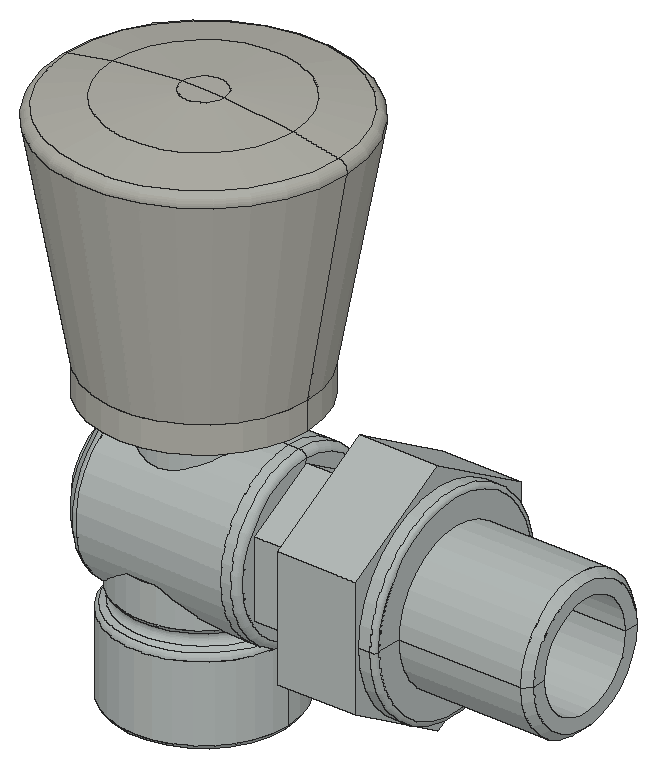
Revit family "QD37100000", category Apparecchi idraulici, Revit 2020
Family settings
  Quota connettore circolare = Usa diametro
  Tipo di parte = Normale
  Numero OmniClass = 23.45.00.00
  Titolo OmniClass = Sanitary, Laundry, and Cleaning Equipment
  Basato su piano di lavoro = No
  Sempre verticale = Sì
  Taglio con vuoti quando caricato = No
  Condiviso = No
  Punto di calcolo locali = No
Parameters
  URL = "https://web.cimberio.it/index.php/figura/709?subcategoria_id=43096"
  Temperatura di esercizio = "-20 ÷ 120°C"
  Prospetto di default = 0 mm
  Produttore = "CIMBERIO SPA"
  Pressione nominale = "PN 25"
  Modello = "Cim 91"
  Materiale = "Prodotto in lega di ottone conforme alla norma EN 12165-CW617N-DW"
  Descrizione = "Utilizzato nei più svariati settori dell'impiantistica: impianti di riscaldamento, condizionamento, idrici, igienico-sanitari, aria compressa e in generale con ogni fluido non corrosivo"
  DN Model [instance] = QD37101015 : QD37101015
  DN [instance] = 15 mm
  Commenti sul tipo = "Realizzato in ottemperanza ai requisiti gestionali della norma EN ISO 9001. Collaudato al 100% secondo la normativa EN 12266-1"
Reference planes
  plane 1 "Centro (Fronte/Retro)": y = 0
  plane 2: z = 0
  plane 3 "Centro (Sinistra/Destra)": x = 0
Dimensions and locks
  aligned and locked: level to plane 2
Nested families
  nested 1: "QD37101015" at (0, 0, 0), type <- "DN Model", type "QD37101015"
Connectors
  piping at (55.9, 0, 0), diameter 15, driven by "DN"
    settings: on nested 1, index 1, connector inside diameter 609.6 mm, connector length 0 mm, flow factor 0, pipe flow 0.0 L/s, pressure drop 0.0 Pa, fitting loss kfactor 0, connector angle 0.00°, fixture units 0, engagement length 0 mm, angle of deflection 0.00°, flow configuration 0, flow direction 0, fitting loss method 0, system type 7, joint type 0, gender type 0, connector reference index -1, connector utility 0, adjustable connector no, is connector primary yes, connector description ""
  piping at (0, 0, -25), diameter 15, driven by "DN"
    settings: on nested 1, index 2, connector inside diameter 609.6 mm, connector length 0 mm, flow factor 0, pipe flow 0.0 L/s, pressure drop 0.0 Pa, fitting loss kfactor 0, connector angle 0.00°, fixture units 0, engagement length 0 mm, angle of deflection 0.00°, flow configuration 0, flow direction 0, fitting loss method 0, system type 7, joint type 0, gender type 0, connector reference index -1, connector utility 0, adjustable connector no, is connector primary no, connector description ""
Definition of nested family "QD37101015"
  Parameters (values of type "QD37101015")
    Default Elevation = 0 mm
  Reference planes
    plane 1 "Centro (Fronte/Retro)": y = 0
    plane 2: z = 0
    plane 3 "Centro (Sinistra/Destra)": x = 0
  Forms (mm)
    Extrusion 1, solid
      sketch origin (0, 0, 0) x (0, 1, 0) y (0, 0, 1)
        loop
          circle (0, 0) r 7.5
        loop
          line (0, 17.4) -> (-15.069, 8.7) -> (-15.069, -8.7) -> (0, -17.4) -> (15.069, -8.7) -> (15.069, 8.7) -> (0, 17.4)
      from 22.9 to 34.393
    Revolve 2, solid
      sketch origin (0, 0, 0) x (1, 0, 0) y (0, 0, 1)
        loop
          line (0.065, 27.317) -> (0.065, 8.021) -> (8.5, 8.021) -> (8.5, 20.16)
          arc (8.5, 20.16) -> (8.86, 20.393) -> (9, 20.8) r 0.66
          line (9, 20.8) -> (9, 27.317) -> (0.065, 27.317)
        axis (0.065, 27.317) -> (0.065, 8.021)
      angle from 0 to 360
    Revolve 3, solid
      sketch origin (0, 0, 0) x (1, 0, 0) y (0, 0, 1)
        loop
          line (0, 28.8) -> (-5.984, 28.8) -> (-7.003, 28.281) -> (-7.003, 26.625) -> (0, 26.625) -> (0, 28.8)
        axis (0, 28.8) -> (0, 26.625)
      angle from 0 to 360
    Revolve 4, solid
      sketch origin (4.5, 0, 0) x (1, 0, 0) y (0, 1, 0)
        loop
          line (29.893, 7.5) -> (32.4, 7.5) -> (32.4, 14.036)
          arc (32.4, 14.036) -> (32.206, 14.539) -> (31.708, 14.75) r 0.692
          line (31.708, 14.75) -> (29.893, 14.75) -> (29.893, 7.5)
        axis (29.893, 0) -> (32.4, 0)
      angle from 0 to 360
    Revolve 5, solid
      sketch origin (4.5, 0, 0) x (1, 0, 0) y (0, 1, 0)
        loop
          line (32.382, 10.45) -> (32.382, 7.5) -> (51.4, 7.5) -> (51.4, 9.45) -> (50.328, 10.45) -> (32.382, 10.45)
        axis (32.382, 0) -> (51.4, 0)
      angle from 0 to 360
    Extrusion 6, solid
      sketch origin (0, 0, 0) x (0, 1, 0) y (0, 0, 1)
        loop
          circle (0, 0) r 7.5
        loop
          line (0, 11) -> (-9.526, 5.5) -> (-9.526, -5.5) -> (0, -11) -> (9.526, -5.5) -> (9.526, 5.5) -> (0, 11)
      from 15 to 21.5
    Revolve 7, solid
      sketch origin (0, 0, 0) x (1, 0, 0) y (0, 0, 1)
        loop
          line (-11.5, 8) -> (-12.504, 8)
          arc (-12.504, 8) -> (-13.179, 7.737) -> (-13.5, 7.087) r 1
          line (-13.5, 7.087) -> (-14.12, 0) -> (-11.5, 0) -> (-11.5, 8)
        axis (-14.12, 0) -> (-11.5, 0)
      angle from 0 to 360
    Revolve 8, solid
      sketch origin (0, 0, 0) x (1, 0, 0) y (0, 0, 1)
        loop
          line (-7.5, -25) -> (-7.5, -4.688) -> (-11.5, -4.688) -> (-11.5, -9.874) -> (-11.009, -10.481)
          arc (-11.009, -10.481) -> (-10.733, -11.315) -> (-11.218, -12.048) r 1.007
          line (-11.218, -12.048) -> (-11.98, -12.5)
          arc (-11.98, -12.5) -> (-12.36, -12.861) -> (-12.5, -13.366) r 0.981
          line (-12.5, -13.366) -> (-12.5, -24.383) -> (-12, -25) -> (-7.5, -25)
        axis (0, -4.688) -> (0, -25)
      angle from 0 to 360
    Revolve 9, solid
      sketch origin (0, 0, 0) x (1, 0, 0) y (0, 0, 1)
        loop
          line (-11.5, 7.5) -> (15, 7.5) -> (15, 11.5)
          arc (15, 11.5) -> (14.707, 12.207) -> (14, 12.5) r 1
          line (14, 12.5) -> (12.5, 12.5) -> (-8.983, 12.102)
          arc (-8.983, 12.102) -> (-9.421, 11.973) -> (-9.793, 11.707) r 1.385
          line (-9.793, 11.707) -> (-11.5, 10) -> (-11.5, 7.5)
        axis (-11.5, 0) -> (15, 0)
      angle from 0 to 360
    Revolve 10, solid
      sketch origin (0, 0, 0) x (1, 0, 0) y (0, 0, 1)
        loop
          line (21.5, 11) -> (21.5, 7.5) -> (22.9, 7.5) -> (22.9, 13.05) -> (21.5, 11)
        axis (21.5, 0) -> (22.9, 0)
      angle from 0 to 360
    Revolve 11, solid
      sketch origin (0, 0, 0) x (1, 0, 0) y (0, 0, 1)
        loop
          arc (-19.855, 52.583) -> (-20.776, 51.946) -> (-21, 50.849) r 1.5
          line (-21, 50.849) -> (-15.25, 19.3) -> (-15.25, 15.3) -> (-9.467, 15.3) -> (-9.467, 22.31) -> (0, 22.31) -> (0, 54.747) -> (-3.086, 54.747)
          arc (-3.086, 54.747) -> (-8.176, 54.428) -> (-13.24, 53.821) r 90
          arc (-13.24, 53.821) -> (-16.559, 53.264) -> (-19.855, 52.583) r 90
        axis (0, 54.747) -> (0, 15.3)
      angle from 0 to 360
  Dimensions and locks
    aligned and locked: level to plane 2
